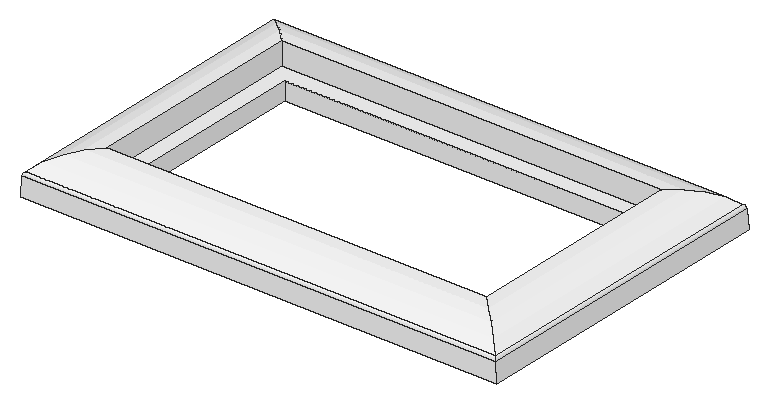
Revit family "Gira_100104", category Electrical Fixtures, host Face, Revit 2017
Family settings
  Host = Face
  Maintain Annotation Orientation = No
  Round Connector Dimension = Use Diameter
  Part Type = Normal
  Cut with Voids When Loaded = No
  Shared = No
  Room Calculation Point = No
Parameters (values of type "Cov.fr. 1.5-g Standard 55 p.white m")
  With mounting grid = "No"
  With hinged lid = "No"
  URL = "http://katalog.gira.de/en/datenblatt.html?artikelnr=100104"
  Type of fastening = "Clamp mounting"
  Transparent = "No"
  Surface protection = "Other"
  Surface finishing = "Matt"
  Suitable for wall duct = "No"
  Suitable for flush-mounted installation = "Yes"
  Suitable for floor box = "No"
  Suitable for built-in installation = "No"
  RAL-number (akin) = "9010"
  Number of units vertical = "1,5"
  Number of units horizontal = "1,5"
  Number of units = "1"
  Name = "Cov.fr. 1.5-g Standard 55 p.white m"
  Mounting direction = "Horizontal and vertical"
  Material quality = "Thermoplastic"
  Material = "Plastic"
  Manufacturer URL = "https://www.gira.de/"
  Manufacturer = "Gira"
  Label space/information surface = "No"
  Keynote = ""
  HeinzeBIM = "https://bimportal.heinze.de/bim/cov-fr-1-5-g-standard-55-p-white-m/00f5fdd2c75ab2456690c4bafae117a39cfd80e7"
  Halogen free = "Yes"
  HAN = "100104"
  GTIN = "4010337881315"
  Description = "Cov.fr.1.5g Std55 PWm,Gira Standard 55 cover frame,pure white matt,1.5-gang,Features:,- Shatter-proof.,,Notes :,- Also suitable for duct installation.,- In connection with the seal kit, frame (1-gang to 5-gang) is also suitable for installation as water-protected flush-mounted IP44."
  Degree of protection (IP) = "IP20"
  Default Elevation = 1219.2 mm
  Data sheet (1) = "https://katalog.gira.de/en/download.html?artikelnr=100104"
  Colour = "White"
  Category = "Cover frame for domestic switching devices"
  BIM (1) = "https://media.stage.bim.site/public/gira/36a6b08/Std55_Rahmen_1,5fach.rfa"
  Available = "No"
Reference planes
  plane 1 "Center (Front/Back)": y = 0
  plane 2: z = 0
  plane 3 "Center (Left/Right)": x = 0
  plane 4: x = -60.5
  plane 5: x = 60.5
  plane 6: y = -40
  plane 7: y = 40
Forms (mm)
  Sweep 1, solid, material "White", detail levels fine
    path origin (0, 0, 0) x (1, 0, 0) y (0, 1, 0)
      loop
        line (60.5, 40) -> (-60.5, 40) -> (-60.5, -40) -> (60.5, -40) -> (60.5, 40)
    profile origin (0, 40, 0) x (0, -1, 0) y (0, 0, 1)
      loop
        arc (12.278, 10.074) -> (6.073, 9.052) -> (0.724, 5.745) r 16.207
        arc (0.724, 5.745) -> (0.387, 5.281) -> (0.248, 4.725) r 1.5
        line (0.248, 4.725) -> (0, 0) -> (16.627, 0) -> (16.627, 4.5) -> (12.327, 4.5) -> (12.278, 10.074)
  Extrusion 2, solid, material "White", detail levels coarse+medium
    sketch origin (0, 0, 0) x (1, 0, 0) y (0, 1, 0)
      loop
        line (-60.5, 40) -> (-60.5, -40) -> (60.5, -40) -> (60.5, 40) -> (-60.5, 40)
    from 0 to 10.074
Dimensions and locks
  aligned and locked: plane 2 to host face
  aligned and locked: level to host face
